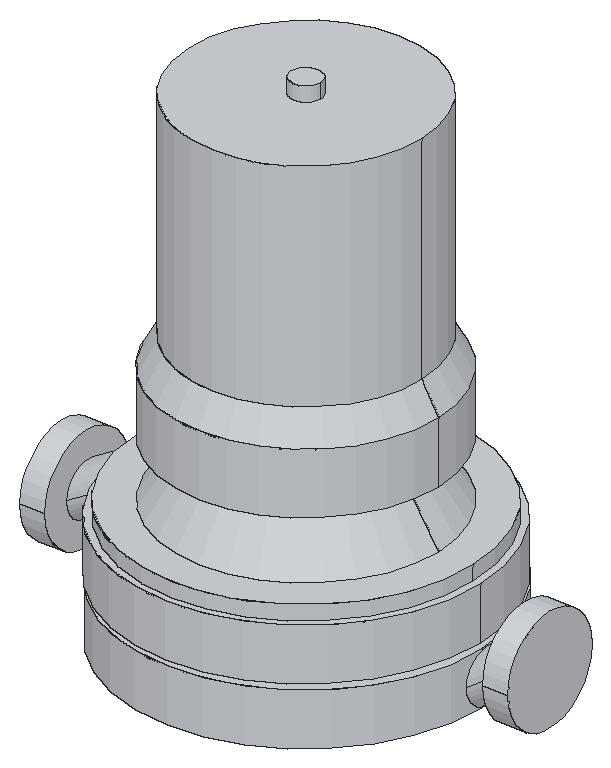
Revit family "9cbd3d3a5fca44a78c166d80906627f7", category Mechanical Equipment, Revit 2021
Family settings
  Round Connector Dimension = Use Radius
  Classification = Pump
  Part Type = Breaks Into
  OmniClass Number = 23.60.30.21
  OmniClass Title = Pumps
  Seek Item ID = Inline Pump-0000-USA-ENU
  Work Plane-Based = No
  Always vertical = Yes
  Cut with Voids When Loaded = No
  Shared = No
  Room Calculation Point = No
Parameters (values of type "1.5"")
  Voltage = 230 V
  Suction Radius = 3/4"
  Suction Outside Radius = Suction Outside Diameter / 2  # 0.9"
  Suction Outside Diameter = Suction Nominal Diameter * 1.2  # 1.8"
  Suction Nominal Diameter = Suction Radius * 2  # 1 1/2"
  Suction Flange Outside Radius = Discharge Flange Outside Diameter / 2  # 1.8"
  Suction Flange Outside Diameter = Height * 2  # 3.6"
  Suction Flange Length = 0.24 * Suction Nominal Diameter + 0' 0 1/2"  # 0.86"
  Pump Speed = "1750"
  Pump Material = none
  Number of Poles = 2
  Load Classification = Appliance - Dwelling Unit
  Length = 16 3/4"
  Height = 1.2 * Suction Nominal Diameter  # 1.8"
  Half Length = Length / 2  # 8 3/8"
  Discharge Radius = 3/4"
  Discharge Outside Radius = Discharge Outside Diameter / 2  # 0.9"
  Discharge Outside Diameter = Discharge Nominal Diameter * 1.2  # 1.8"
  Discharge Nominal Diameter = Discharge Radius * 2  # 1 1/2"
  Discharge Flange Outside Radius = Discharge Flange Outside Diameter / 2  # 1.8"
  Discharge Flange Outside Diameter = Suction Flange Outside Diameter  # 3.6"
  Discharge Flange Length = 0.24 * Discharge Nominal Diameter + 0' 0 1/2"  # 0.86"
  Default Elevation = 0' - 0"
  Apparent Load = 2000 VA
Types (3): name | Suction Radius | Suction Outside Radius | Suction Outside Diameter | Suction Nominal Diameter | Suction Flange Outside Radius | Suction Flange Outside Diameter | Suction Flange Length | Height | Discharge Radius | Discharge Outside Radius | Discharge Outside Diameter | Discharge Nominal Diameter | Discharge Flange Outside Radius | Discharge Flange Outside Diameter | Discharge Flange Length
  (no name) | 3/4" | 0.9" | 1.8" | 1 1/2" | 1.8" | 3.6" | 0.86" | 1.8" | 3/4" | 0.9" | 1.8" | 1 1/2" | 1.8" | 3.6" | 0.86"
  1.5" | 3/4" | 0.9" | 1.8" | 1 1/2" | 1.8" | 3.6" | 0.86" | 1.8" | 3/4" | 0.9" | 1.8" | 1 1/2" | 1.8" | 3.6" | 0.86"
  2.0" | 1" | 1.2" | 2.4" | 2" | 2.4" | 4.8" | 0.98" | 2.4" | 1" | 1.2" | 2.4" | 2" | 2.4" | 4.8" | 0.98"
Reference planes (in)
  plane 1 "Center (Front/Back)": y = 0
  plane 2: z = 0
  plane 3 "Center (Left/Right)": x = 0
  plane 4: x = 0.25
  plane 5: y = -0.25
  plane 6 "Suction": x = -8.375
  plane 7 "Discharge": x = 8.375
  plane 8: x = -7.515
  plane 9: x = 7.515
  plane 10: x = -6
  plane 11: x = 6.25
  plane 12: z = -3.15078
  plane 13: z = -2.30078
  plane 14: z = -1.8
  plane 15: z = -0.9
  plane 16: z = 1.8
  plane 17: z = 2.3
  plane 18: z = 4.3
  plane 19: z = 6.4
  plane 20: z = 7.4
  plane 21: z = 14.8
  plane 22: z = 15.3
  plane 23: z = 0.9
Forms (in)
  Extrusion 1, solid, material <- "Pump Material"
    sketch origin (0, 0, 0) x (1, 0, 0) y (0, 1, 0)
      loop
        circle (0, 0) r 0.5
    from -3.15078 to -2.30078
  Extrusion 2, solid, material <- "Pump Material"
    sketch origin (0, 0, 0) x (1, 0, 0) y (0, 1, 0)
      loop
        circle (0, 0) r 1.5
    from -2.30078 to -1.8
  Extrusion 3, solid, material <- "Pump Material"
    sketch origin (0, 0, 0) x (1, 0, 0) y (0, 1, 0)
      loop
        circle (0.25, -0.25) r 6
    from -1.8 to 0
  Extrusion 4, solid, material <- "Pump Material"
    sketch origin (0, 0, 0) x (1, 0, 0) y (0, 1, 0)
      loop
        circle (0, 0) r 6
    from 0 to 1.8
  Extrusion 5, solid, material <- "Pump Material"
    sketch origin (0, 0, 0) x (1, 0, 0) y (0, 1, 0)
      loop
        circle (0, 0) r 5.75
    from 1.8 to 2.3
  Blend 6, solid, material <- "Pump Material"
    base sketch origin (0, 0, 0) x (1, 0, 0) y (0, 1, 0)
      loop
        circle (0, 0) r 4.5625
    top sketch origin (0, 0, 0) x (1, 0, 0) y (0, 1, 0)
      loop
        circle (0, 0) r 3.25
    from 2.3 to 4.3
  Extrusion 7, solid, material <- "Pump Material"
    sketch origin (0, 0, 0) x (1, 0, 0) y (0, 1, 0)
      loop
        circle (0, 0) r 4.5625
    from 4.3 to 6.4
  Blend 8, solid, material <- "Pump Material"
    base sketch origin (0, 0, 0) x (1, 0, 0) y (0, 1, 0)
      loop
        circle (0, 0) r 4.5625
    top sketch origin (0, 0, 0) x (1, 0, 0) y (0, 1, 0)
      loop
        circle (0, 0) r 4
    from 6.4 to 7.4
  Extrusion 9, solid, material <- "Pump Material"
    sketch origin (0, 0, 0) x (1, 0, 0) y (0, 1, 0)
      loop
        circle (0, 0) r 4
    from 7.4 to 14.8
  Extrusion 10, solid, material <- "Pump Material"
    sketch origin (0, 0, 0) x (1, 0, 0) y (0, 1, 0)
      loop
        circle (0, 0) r 0.5
    from 14.8 to 15.3
  Extrusion 11, solid, material <- "Pump Material"
    sketch origin (-8.375, 0, 0) x (0, 1, 0) y (0, 0, 1)
      loop
        circle (0, 0) r 1.8
    from 0 to 0.86
  Blend 12, solid, material <- "Pump Material"
    base sketch origin (-8.375, 0, 0) x (0, 1, 0) y (0, 0, 1)
      loop
        circle (0, 0) r 0.9
    top sketch origin (-8.375, 0, 0) x (0, 1, 0) y (0, 0, 1)
      loop
        circle (0, 0.9) r 0.9
    from 0.86 to 2.375
  Extrusion 13, solid, material <- "Pump Material"
    sketch origin (0, 0, 0) x (0, 1, 0) y (0, 0, 1)
      loop
        circle (0, 0) r 1.8
    from 7.515 to 8.375
  Blend 14, solid, material <- "Pump Material"
    base sketch origin (0, 0, 0) x (0, 1, 0) y (0, 0, 1)
      loop
        circle (0, 0) r 0.9
    top sketch origin (0, 0, 0) x (0, 1, 0) y (0, 0, 1)
      loop
        circle (0, -0.9) r 0.9
    from 7.515 to 6.25
Lines and regions (in)
  symbolic lines, detail levels fine
    curve 1: circle (0, 0, 0) r 4 normal (0, 0, 1)
    curve 2: circle (0, 0, 0) r 4.5625 normal (0, 0, 1)
Dimensions and locks (in)
  locked: plane 3 "Center (Left/Right)" to plane 4 at 0.25
  locked: plane 5 to plane 1 "Center (Front/Back)" at 0.25
  "Suction Flange Length": plane 6 "Suction" to plane 8
  "Half Length": plane 6 "Suction" to plane 3 "Center (Left/Right)"
  "Discharge Flange Length": plane 9 to plane 7 "Discharge"
  "Half Length": plane 3 "Center (Left/Right)" to plane 7 "Discharge"
  locked: plane 10 to plane 3 "Center (Left/Right)" at 6
  locked: plane 4 to plane 11 at 6
  locked: plane 13 to plane 14 at 0.50078
  "Height": plane 2 to plane 14
  "Height": plane 16 to plane 2
  equal spacing: plane 16, plane 23, plane 2
  equal spacing: plane 2, plane 15, plane 14
  locked: plane 17 to plane 16 at 0.5
  locked: plane 18 to plane 17 at 2
  locked: plane 21 to plane 18 at 10.5
  locked: plane 22 to plane 21 at 0.5
  radius of Extrusion 1 sketch curve = 0' - 0 1/2"
  radius of Extrusion 2 sketch curve = 0' - 1 1/2"
  "Suction Flange Outside Radius": radius of Extrusion 11 sketch curve
  "Suction Outside Radius": radius of Blend 12 sketch curve  (x2)
  "Discharge Flange Outside Radius": radius of Extrusion 13 sketch curve
  "Discharge Outside Radius": radius of Blend 14 sketch curve  (x2)
  radius of curve 1 = 0' - 4"
  radius of Extrusion 10 sketch curve = 0' - 0 1/2"
  radius of Extrusion 9 sketch curve = 0' - 4"
  radius of Blend 8 sketch curve = 0' - 4 9/16"
  radius of Blend 8 sketch curve = 0' - 4"
  radius of Extrusion 7 sketch curve = 0' - 4 9/16"
  radius of Blend 6 sketch curve = 0' - 4 9/16"
  radius of Blend 6 sketch curve = 0' - 3 1/4"
  radius of Extrusion 5 sketch curve = 0' - 5 3/4"
  radius of Extrusion 4 sketch curve = 0' - 6"
  radius of Extrusion 3 sketch curve = 0' - 6"
  aligned and locked: plane 3 "Center (Left/Right)" to Extrusion 4 sketch curve
  aligned and locked: plane 1 "Center (Front/Back)" to Extrusion 4 sketch curve
  aligned and locked: plane 3 "Center (Left/Right)" to Extrusion 5 sketch curve
  aligned and locked: plane 1 "Center (Front/Back)" to Extrusion 5 sketch curve
  aligned and locked: plane 3 "Center (Left/Right)" to Blend 6 sketch curve  (x2)
  aligned and locked: plane 1 "Center (Front/Back)" to Blend 6 sketch curve  (x2)
  aligned and locked: plane 3 "Center (Left/Right)" to Extrusion 7 sketch curve
  aligned and locked: plane 1 "Center (Front/Back)" to Extrusion 7 sketch curve
  aligned and locked: plane 3 "Center (Left/Right)" to Blend 8 sketch curve  (x2)
  aligned and locked: plane 1 "Center (Front/Back)" to Blend 8 sketch curve  (x2)
  aligned and locked: plane 3 "Center (Left/Right)" to Extrusion 9 sketch curve
  aligned and locked: plane 1 "Center (Front/Back)" to Extrusion 9 sketch curve
  aligned and locked: plane 3 "Center (Left/Right)" to Extrusion 10 sketch curve
  aligned and locked: plane 1 "Center (Front/Back)" to Extrusion 10 sketch curve
  aligned and locked: plane 1 "Center (Front/Back)" to Extrusion 11 sketch curve
  aligned and locked: Extrusion 11 to plane 6 "Suction"
  aligned and locked: plane 8 to Extrusion 11
  aligned and locked: plane 1 "Center (Front/Back)" to Blend 12 sketch curve  (x2)
  aligned and locked: Blend 12 to plane 8
  aligned and locked: plane 10 to Blend 12
  aligned and locked: Extrusion 13 to plane 9
  aligned and locked: plane 7 "Discharge" to Extrusion 13
  aligned and locked: Blend 14 to plane 11
  aligned and locked: plane 9 to Blend 14
  aligned and locked: plane 3 "Center (Left/Right)" to curve 1
  aligned and locked: plane 1 "Center (Front/Back)" to curve 1
  aligned and locked: plane 3 "Center (Left/Right)" to curve 2
  aligned and locked: plane 1 "Center (Front/Back)" to curve 2
  aligned and locked: plane 12 to Extrusion 1
  aligned and locked: plane 13 to Extrusion 1
  aligned and locked: Extrusion 2 to Extrusion 1
  aligned and locked: plane 14 to Extrusion 2
  aligned and locked: Extrusion 3 to plane 14
  aligned and locked: plane 2 to Extrusion 3
  aligned and locked: Extrusion 4 to plane 2
  aligned and locked: plane 16 to Extrusion 4
  aligned and locked: Extrusion 5 to plane 16
  aligned and locked: plane 17 to Extrusion 5
  aligned and locked: Blend 6 to plane 17
  aligned and locked: plane 18 to Blend 6
  aligned and locked: plane 19 to Extrusion 7
  aligned and locked: Blend 8 to plane 19
  aligned and locked: plane 20 to Blend 8
  aligned and locked: Extrusion 9 to plane 20
  aligned and locked: plane 21 to Extrusion 9
  aligned and locked: Extrusion 10 to plane 21
  aligned and locked: plane 22 to Extrusion 10
  aligned and locked: level to Blend 14 sketch curve
  aligned and locked: plane 15 to Blend 14 sketch curve
  aligned and locked: plane 2 to Blend 12 sketch curve
  aligned and locked: plane 23 to Blend 12 sketch curve
  aligned and locked: plane 2 to Extrusion 13 sketch curve
  aligned and locked: plane 2 to Extrusion 11 sketch curve
  aligned and locked: Blend 6 to plane 18
  aligned and locked: Extrusion 7 to plane 18
  aligned and locked: plane 18 to Extrusion 7
  aligned and locked: plane 1 "Center (Front/Back)" to Extrusion 13 sketch curve
  aligned and locked: plane 1 "Center (Front/Back)" to Blend 14 sketch curve  (x2)
Automatic sketch dimensions
  Extrusion 1 sketch curve to plane 1 "Center (Front/Back)" = 0' - 0"
  Extrusion 1 sketch curve to plane 3 "Center (Left/Right)" = 0' - 0"
  Extrusion 2 sketch curve to plane 1 "Center (Front/Back)" = 0' - 0"
  Extrusion 2 sketch curve to plane 3 "Center (Left/Right)" = 0' - 0"
  Extrusion 3 sketch curve to plane 4 = 0' - 0"
  Extrusion 3 sketch curve to plane 5 = 0' - 0"
  radius of curve 2 = 0' - 4 9/16"
Connectors (in)
  piping at (-8.375, 0, 0), diameter 1.5, driven by "Suction Radius"
    settings: on Extrusion 11, index 1, connector inside diameter 24", connector length 0' - 0", flow factor 0, pipe flow 0 GPM, pressure drop 0.00 psi, fitting loss kfactor 0, connector angle 0.00°, fixture units 0, engagement length 0' - 0", angle of deflection 0.00°, flow configuration 0, flow direction 1, fitting loss method 0, system type 29, joint type 0, gender type 0, connector reference index 2, connector utility 0, adjustable connector no, is connector primary yes, connector description ""
  piping at (8.375, 0, 0), diameter 1.5, driven by "Discharge Radius"
    settings: on Extrusion 13, index 2, connector inside diameter 24", connector length 0' - 0", flow factor 0, pipe flow 0 GPM, pressure drop 0.00 psi, fitting loss kfactor 0, connector angle 0.00°, fixture units 0, engagement length 0' - 0", angle of deflection 0.00°, flow configuration 0, flow direction 2, fitting loss method 0, system type 29, joint type 0, gender type 0, connector reference index 1, connector utility 0, adjustable connector no, is connector primary no, connector description ""
  electrical at (0, 0, 15.3), driven by "Number of Poles", driven by "Load Classification", driven by "Voltage", driven by "Apparent Load"
    settings: on Extrusion 10, index 3, voltage 230 V, apparent load 2000 VA, apparent load phase1 0 VA, apparent load phase2 0 VA, apparent load phase3 0 VA, power factor 0.8, load classification "Appliance - Dwelling Unit", number of poles 2, system type 30, power factor state 1, is connector primary yes, connector utility no, sub classification motor no, connector description ""
